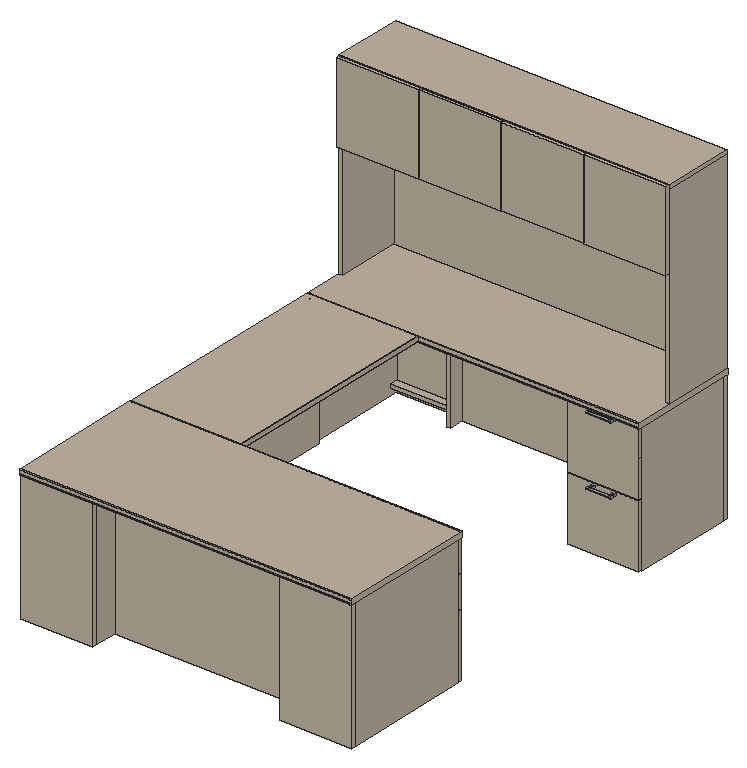
Revit family "JSI-Vision-Typical_Laminate-VST119", category Furniture, Revit 2020 (continued)
Definition of nested family "JSI-Vision-Bridge_Modesty_Panel"
  Types (4): name | Model | Description | Depth
    VST2048EB, Bridge w/Modesty Panel 20"d x 48"w | "VST2048EB" | "Bridge w/Modesty Panel 20\"d x 48\"w Laminate" | 20"
    VST2448EB, Bridge w/Modesty Panel 24"d x 48"w | "VST2448EB" | "Bridge w/Modesty Panel 24\"d x 48\"w Laminate" | 24"
    VSV2048EB, Bridge w/Modesty Panel 20"d x 48"w | "VSV2048EB" | "Bridge w/Modesty Panel 20\"d x 48\"w Veneer" | 20"
    VSV2448EB, Bridge w/Modesty Panel 24"d x 48"w | "VSV2448EB" | "Bridge w/Modesty Panel 24\"d x 48\"w Veneer" | 24"
  Reference planes (in)
    plane 1 "Center Front/Back": y = 0
    plane 2: z = 0
    plane 3 "Center Left/Right": x = 0
    plane 4: z = 28
    plane 5: x = 48
    plane 6: z = 29.1875
    plane 7: y = -20
    plane 8: y = -0.875
    plane 9: y = -1.6875
  Forms (in)
    Extrusion 1, solid, material <- "Top Finish"
      sketch origin (0, 0, -0.05243) x (0, 1, 0) y (0, 0, 1)
        loop
          line (0, 29.23993) -> (-19.87345, 29.23993)
          arc (-19.87345, 29.23993) -> (-19.96294, 29.20286) -> (-20, 29.11338) r 0.12655
          line (-20, 29.11338) -> (-20, 28.17743)
          arc (-20, 28.17743) -> (-19.96339, 28.08904) -> (-19.875, 28.05243) r 0.125
          line (-19.875, 28.05243) -> (0, 28.05243) -> (0, 29.23993)
      from 0 to 48
    Extrusion 2, solid, material <- "Panel Finish"
      sketch origin (0, 0, -0.05243) x (1, 0, 0) y (0, 1, 0)
        loop
          line (-0.87503, -0.875) -> (-0.87503, -1.6875) -> (48.87504, -1.6875) -> (48.87504, -0.875) -> (-0.87503, -0.875)
      from 0.05243 to 28.05243
  Lines and regions (in)
    symbolic lines
      curve 1: line (0, 0, 0) -> (48, 0, 0)
      curve 2: line (0, -20, 0) -> (0, 0, 0)
      curve 3: line (48, -20, 0) -> (0, -20, 0)
      curve 4: line (48, 0, 0) -> (48, -20, 0)
      curve 7: line (-0.87503, -0.875, 0) -> (-0.87503, -1.6875, 0)
      curve 8: line (-0.87503, -0.875, 0) -> (0, -0.875, 0)
      curve 9: line (-0.87503, -1.6875, 0) -> (0, -1.6875, 0)
      curve 10: line (48.87504, -0.875, 0) -> (48.87504, -1.6875, 0)
      curve 11: line (48.87504, -0.875, 0) -> (48, -0.875, 0)
      curve 12: line (48.87504, -1.6875, 0) -> (48, -1.6875, 0)
    symbolic lines, detail levels medium+fine
      curve 5: line (0, -0.875, 0) -> (48, -0.875, 0)
      curve 6: line (0, -1.6875, 0) -> (48, -1.6875, 0)
  Dimensions and locks (in)
    "Width": plane 3 "Center Left/Right" to plane 5
    "Depth": plane 7 to plane 1 "Center Front/Back"
    locked: plane 6 to plane 4 at 1.1875
    plane 1 "Center Front/Back" to plane 8 to plane 9 = 7/8" locked, 13/16" locked
    "Height": plane 6 to plane 2
    aligned and locked: level to plane 2
    aligned and locked: plane 1 "Center Front/Back" to Extrusion 1 sketch curve
    aligned and locked: plane 7 to Extrusion 1 sketch curve
    aligned and locked: Extrusion 1 sketch curve to plane 6
    aligned and locked: plane 4 to Extrusion 1 sketch curve
    aligned and locked: Extrusion 1 to plane 3 "Center Left/Right"
    aligned and locked: plane 5 to Extrusion 1
    aligned and locked: Extrusion 2 to plane 2
    aligned and locked: plane 4 to Extrusion 2
    aligned and locked: plane 3 "Center Left/Right" to curve 2
    aligned and locked: curve 4 to plane 5
    aligned and locked: plane 7 to curve 3
    aligned and locked: plane 1 "Center Front/Back" to curve 1
    aligned and locked: plane 5 to curve 5
    aligned and locked: plane 3 "Center Left/Right" to curve 5
    aligned and locked: curve 5 to plane 8
    aligned and locked: curve 6 to plane 9
    aligned and locked: curve 7 to Extrusion 2
    aligned and locked: curve 9 to Extrusion 2
    aligned and locked: curve 11 to Extrusion 2
    aligned and locked: curve 12 to Extrusion 2
  Automatic sketch dimensions
    Extrusion 1 sketch curve to plane 6 = 0.12655"
    plane 4 to Extrusion 1 sketch curve = 1/8"
    Extrusion 2 sketch curve to plane 9 = 0"
    Extrusion 2 sketch curve to plane 8 = 0"
    Extrusion 2 sketch curve to plane 3 "Center Left/Right" = 0.87503"
    plane 5 to Extrusion 2 sketch curve = 0.87504"
    curve 7 to plane 8 = 0"
    curve 5 to curve 10 = 0.87504"
